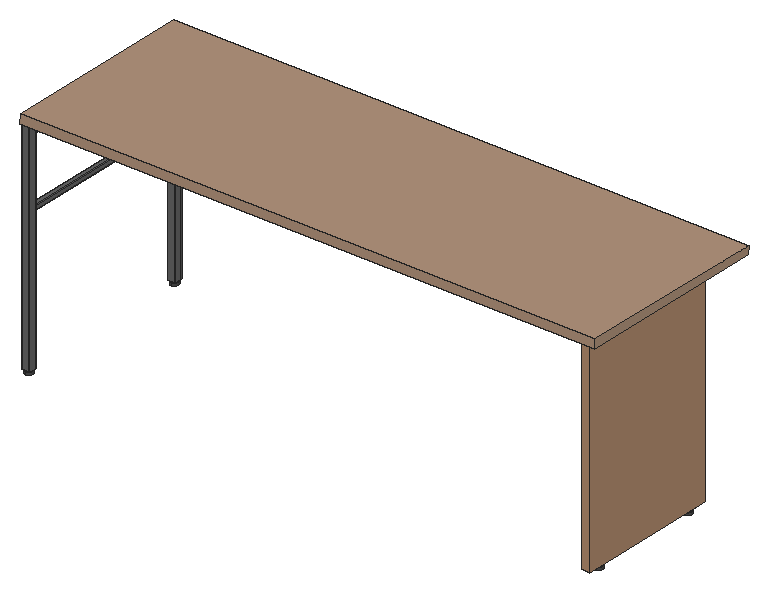
Revit family "Desks-Teknion-LWBDS_Byward_Desk-R2019", category Furniture, Revit 2019
Family settings
  OmniClass Number = 23.40.20.00
  OmniClass Title = General Furniture and Specialties
  Work Plane-Based = No
  Always vertical = Yes
  Cut with Voids When Loaded = No
  Shared = Yes
  Room Calculation Point = No
Parameters (values of type "24" Depth")
  Worksurface Finish [instance] = Source Laminate - Teknion - 3M - Provincial Oak (Cross Grain)
  Width [instance] = 72.000"
  Warranty = "http://www.teknion.com/ca/papers/legal-canada"
  Unit Weight URL = "http://www.teknion.com/ca/tools/assets#&asset=bee6a381-b954-425e-8283-5a2de3a804f2,f828d448-4b62-4231-9e5f-9a8991c0ed77"
  URL = "www.teknion.com"
  To render please download texture images found here [instance] = "https://assets.teknion.com/web/5e81352c1dfdb467/revit-material-swatches/"
  Sustainability Data = "https://www.teknion.com/ca/tools/assets#&topic=216f99a5-57a0-44fc-b10a-9dee9b29ae4c&asset=444deb64-fe58-4b68-981e-f75e97781df7,b4ff2d81-9f2e-437d-9659-7cffb09c31cf"
  Series = "Byward"  # constant formula
  Product Page URL = "https://www.teknion.com/ca/products/product-details?productLineId=87d0476f-8e7a-673b-a6c8-ff05004460c4"
  Product Line = "Byward"  # constant formula
  Product Documentation Link = "https://assets.teknion.com/m/d3f7903c0f9c31f/original/Byward-Reference-Guide.pdf"
  Part Number = "LWBDS"
  Modesty Panel & Gable Finish [instance] = Foundation Laminate - Teknion - YA - Anigre
  Model = "LWBDS24___"
  Metal Tab = 6.783"
  Manufacturer Phone = "416-661-3370"  # constant formula
  Manufacturer Fax = "416.661.4586"  # constant formula
  Manufacturer Contact Information = "http://www.teknion.com/ca/contactus"
  Manufacturer Address = "1150 Flint Road, Toronto, ON. M3J 2J5. Canada"  # constant formula
  Manufacturer = "Teknion"  # constant formula
  How To Use Teknion Materials User Guide [instance] = "https://assets.teknion.com/m/205dd0a49fa58060/original/How-to-add-a-Material-Library-and-Texture-Images-to-your-Revit-project.pdf"
  Gable Cutout = 3.190"
  For Additional Finishes please visit [instance] = "https://assets.teknion.com/m/44a8009b046e5d47/original/Teknion_Materials_Library.zip"
  Description = "Byward Desk, 24\" Depth"
  Depth = 24.000"
  Available Widths [instance] = "48\", 54\", 60\", 66\" and 72\""  # constant formula
  Assembly Code = "E2020200"
Types (4): name | Model | Metal Tab | Gable Cutout | Description | Depth
  (no name) | "LWBDS24___" | 6.783" | 3.190" | "Byward Desk, 24\" Depth" | 24.000"
  24" Depth | "LWBDS24___" | 6.783" | 3.190" | "Byward Desk, 24\" Depth" | 24.000"
  30" Depth | "LWBDS30___" | 6.033" | 1.440" | "Byward Desk, 30\" Depth" | 30.000"
  36" Depth | "LWBDS36___" | 5.033" | 1.440" | "Byward Desk, 36\" Depth" | 36.000"
Reference planes (in)
  plane 1 "Center Front/Back": y = 0
  plane 2: z = 0
  plane 3 "Center Left/Right": x = 0
  plane 4 "Left": x = -36
  plane 5 "Right": x = 36
  plane 6 "Back": y = 12
  plane 7 "Front": y = -12
  plane 8 "Top": z = 29.0595
Forms (in)
  Sweep 1, solid, material "Source Laminate - Teknion - 3M - Provincial Oak (Cross Grain)" <- "Worksurface Finish"
    path origin (0, 0, 0) x (1, 0, 0) y (0, 0, 1)
      loop
        line (0, 27.9995) -> (0, 29.0595)
    profile origin (0, 0, 28.5295) x (-1, 0, 0) y (0, -1, 0)
      loop
        line (36, 12) -> (-36, 12) -> (-36, -12) -> (36, -12) -> (36, 12)
  Sweep 2, solid, material "Foundation Laminate - Teknion - YA - Anigre" <- "Modesty Panel & Gable Finish"
    path origin (0, 0, 0) x (1, 0, 0) y (0, 1, 0)
      loop
        line (0, 5.84549) -> (0, 4.78549)
    profile origin (0, 5.31549, 0) x (1, 0, 0) y (0, 0, 1)
      loop
        line (-34.9, 17.9995) -> (31.94, 17.9995) -> (31.94, 27.9995) -> (5, 27.9995)
        arc (5, 27.9995) -> (4.03175, 27.83895) -> (3.16714, 27.3745) r 3
        arc (3.16714, 27.3745) -> (2.30253, 26.91005) -> (1.33428, 26.7495) r 3
        line (1.33428, 26.7495) -> (-1.33428, 26.7495)
        arc (-1.33428, 26.7495) -> (-2.30253, 26.91005) -> (-3.16714, 27.3745) r 3
        arc (-3.16714, 27.3745) -> (-4.03175, 27.83895) -> (-5, 27.9995) r 3
        line (-5, 27.9995) -> (-30.25208, 27.9995)
        arc (-30.25208, 27.9995) -> (-30.86446, 27.93634) -> (-31.45104, 27.7495) r 3
        arc (-31.45104, 27.7495) -> (-32.03763, 27.56266) -> (-32.65, 27.4995) r 3
        line (-32.65, 27.4995) -> (-34.9, 27.4995) -> (-34.9, 17.9995)
  Sweep 3, solid, material "Foundation Laminate - Teknion - YA - Anigre" <- "Modesty Panel & Gable Finish"
    path origin (0, 0, 0) x (1, 0, 0) y (0, 1, 0)
      loop
        line (31.94, 0) -> (33, 0)
    profile origin (32.47, 0, 0) x (0, 1, 0) y (0, 0, 1)
      loop
        line (9, 27.9995) -> (6.69, 27.9995) -> (6.69, 26.9995)
        arc (6.69, 26.9995) -> (6.54355, 26.64595) -> (6.19, 26.4995) r 0.5
        line (6.19, 26.4995) -> (3.69, 26.4995)
        arc (3.69, 26.4995) -> (3.33645, 26.64595) -> (3.19, 26.9995) r 0.5
        line (3.19, 26.9995) -> (3.19, 27.9995) -> (-9, 27.9995) -> (-9, 0.4995) -> (9, 0.4995) -> (9, 27.9995)
  Sweep 4, solid, material "Paint-Teknion-23-Z-Foundation-Foundry Onyx"
    path origin (0, 0, 0) x (1, 0, 0) y (0, 0, 1)
      loop
        line (0, 0.4375) -> (0, 27.9995)
    profile origin (0, 0, 14.2185) x (-1, 0, 0) y (0, -1, 0)
      loop
        arc (35.81, 10.9) -> (35.87364, 10.92636) -> (35.9, 10.99) r 0.09
        line (35.9, 10.99) -> (35.9, 11.81)
        arc (35.9, 11.81) -> (35.87364, 11.87364) -> (35.81, 11.9) r 0.09
        line (35.81, 11.9) -> (34.99, 11.9)
        arc (34.99, 11.9) -> (34.92636, 11.87364) -> (34.9, 11.81) r 0.09
        line (34.9, 11.81) -> (34.9, 10.99)
        arc (34.9, 10.99) -> (34.92636, 10.92636) -> (34.99, 10.9) r 0.09
        line (34.99, 10.9) -> (35.81, 10.9)
      loop
        arc (35.81, -11.9) -> (35.87364, -11.87364) -> (35.9, -11.81) r 0.09
        line (35.9, -11.81) -> (35.9, -10.99)
        arc (35.9, -10.99) -> (35.87364, -10.92636) -> (35.81, -10.9) r 0.09
        line (35.81, -10.9) -> (34.99, -10.9)
        arc (34.99, -10.9) -> (34.92636, -10.92636) -> (34.9, -10.99) r 0.09
        line (34.9, -10.99) -> (34.9, -11.81)
        arc (34.9, -11.81) -> (34.92636, -11.87364) -> (34.99, -11.9) r 0.09
        line (34.99, -11.9) -> (35.81, -11.9)
  Sweep 5, solid, material "Paint-Teknion-23-Z-Foundation-Foundry Onyx"
    path origin (0, 0, 0) x (1, 0, 0) y (0, 1, 0)
      loop
        line (0, -10.9) -> (0, 10.9)
    profile origin (0, 0, 0) x (-1, 0, 0) y (0, 0, 1)
      loop
        arc (35.1775, 18.5935) -> (35.11386, 18.56714) -> (35.0875, 18.5035) r 0.09
        line (35.0875, 18.5035) -> (35.0875, 18.0585)
        arc (35.0875, 18.0585) -> (35.11386, 17.99486) -> (35.1775, 17.9685) r 0.09
        line (35.1775, 17.9685) -> (35.6225, 17.9685)
        arc (35.6225, 17.9685) -> (35.68614, 17.99486) -> (35.7125, 18.0585) r 0.09
        line (35.7125, 18.0585) -> (35.7125, 18.5035)
        arc (35.7125, 18.5035) -> (35.68614, 18.56714) -> (35.6225, 18.5935) r 0.09
        line (35.6225, 18.5935) -> (35.1775, 18.5935)
  Sweep 6, solid, material "Paint-Teknion-23-Z-Foundation-Foundry Onyx"
    path origin (0, 0, 0) x (1, 0, 0) y (0, 0, 1)
      loop
        line (0, 17.9085) -> (0, 17.9685)
    profile origin (0, 0, 17.9385) x (-1, 0, 0) y (0, -1, 0)
      loop
        line (33.744, -7.658) -> (35.181, -7.658) -> (35.181, -7.8455)
        arc (35.181, -7.8455) -> (35.21761, -7.93389) -> (35.306, -7.9705) r 0.125
        line (35.306, -7.9705) -> (35.494, -7.9705)
        arc (35.494, -7.9705) -> (35.58239, -7.93389) -> (35.619, -7.8455) r 0.125
        line (35.619, -7.8455) -> (35.619, -6.5955)
        arc (35.619, -6.5955) -> (35.58239, -6.50711) -> (35.494, -6.4705) r 0.125
        line (35.494, -6.4705) -> (35.306, -6.4705)
        arc (35.306, -6.4705) -> (35.21761, -6.50711) -> (35.181, -6.5955) r 0.125
        line (35.181, -6.5955) -> (35.181, -6.783) -> (33.744, -6.783)
        arc (33.744, -6.783) -> (33.65561, -6.81961) -> (33.619, -6.908) r 0.125
        line (33.619, -6.908) -> (33.619, -7.533)
        arc (33.619, -7.533) -> (33.65561, -7.62139) -> (33.744, -7.658) r 0.125
  Sweep 7, solid, material "Paint-Teknion-23-Z-Foundation-Foundry Onyx"
    path origin (0, 0, 0) x (1, 0, 0) y (0, 1, 0)
      loop
        line (0, -10.9) -> (0, 10.9)
    profile origin (0, 0, 0) x (-1, 0, 0) y (0, 0, 1)
      loop
        line (35.7125, 26.2495) -> (35.7125, 27.7315)
        arc (35.7125, 27.7315) -> (35.634, 27.921) -> (35.4445, 27.9995) r 0.268
        line (35.4445, 27.9995) -> (31.4625, 27.9995) -> (31.4625, 27.8655) -> (35.4445, 27.8655)
        arc (35.4445, 27.8655) -> (35.53925, 27.82625) -> (35.5785, 27.7315) r 0.134
        line (35.5785, 27.7315) -> (35.5785, 26.2495) -> (35.7125, 26.2495)
  Sweep 8, void
    path origin (0, 0, 0) x (1, 0, 0) y (0, 0, 1)
      loop
        line (0, 27.9995) -> (0, 26.4995)
    profile origin (0, 0, 27.2495) x (0, -1, 0) y (1, 0, 0)
      loop
        arc (-9.78962, -32.37162) -> (-9.23664, -31.71024) -> (-8.41091, -31.4625) r 1.5
        line (-8.41091, -31.4625) -> (-10.9, -31.4625) -> (-10.9, -34.9625) -> (-9.78962, -32.37162)
      loop
        line (10.9, -34.9625) -> (10.9, -31.4625) -> (8.41091, -31.4625)
        arc (8.41091, -31.4625) -> (9.23664, -31.71024) -> (9.78962, -32.37162) r 1.5
        line (9.78962, -32.37162) -> (10.9, -34.9625)
  Sweep 9, solid, material "Paint-Teknion-23-Z-Foundation-Foundry Onyx"
    path origin (0, 0, 0) x (1, 0, 0) y (0, 1, 0)
      loop
        line (0, 8.365) -> (0, 8.231)
    profile origin (0, 8.298, 0) x (1, 0, 0) y (0, 0, 1)
      loop
        line (-35.3905, 26.3655) -> (-32.5785, 27.6775) -> (-32.5785, 27.8655) -> (-34.0155, 27.8655) -> (-34.0155, 27.9595) -> (-34.3905, 27.9595) -> (-34.3905, 27.8655) -> (-35.3905, 27.8655) -> (-35.5785, 27.6775) -> (-35.5785, 26.3655) -> (-35.3905, 26.3655)
  Sweep 10, solid, material "Paint-Teknion-23-Z-Foundation-Foundry Onyx"
    path origin (0, 0, 0) x (1, 0, 0) y (0, 1, 0)
      loop
        line (0, -8.365) -> (0, -8.231)
    profile origin (0, -8.298, 0) x (-1, 0, 0) y (0, 0, 1)
      loop
        line (35.3905, 26.3655) -> (35.5785, 26.3655) -> (35.5785, 27.6775) -> (35.3905, 27.8655) -> (34.3905, 27.8655) -> (34.3905, 27.9595) -> (34.0155, 27.9595) -> (34.0155, 27.8655) -> (32.5785, 27.8655) -> (32.5785, 27.6775) -> (35.3905, 26.3655)
  Sweep 11, solid, material "Paint-Teknion-23-Z-Foundation-Foundry Onyx"
    path origin (0, 0, 0) x (1, 0, 0) y (0, 0, 1)
      loop
        line (0, 0.4395) -> (0, 0.4995)
    profile origin (0, 0, 0.4695) x (-1, 0, 0) y (0, -1, 0)
      loop
        line (-32.0763, 5.0315) -> (-32.0763, 8.1811) -> (-32.8637, 8.1811) -> (-32.8637, 5.0315) -> (-32.0763, 5.0315)
      loop
        line (-32.0763, -5.0315) -> (-32.8637, -5.0315) -> (-32.8637, -8.1811) -> (-32.0763, -8.1811) -> (-32.0763, -5.0315)
  Sweep 12, solid, material "Plastic - Teknion - E - Ebony"
    path origin (0, 0, 0) x (1, 0, 0) y (0, 0, 1)
      loop
        line (0, 0.215) -> (0, 0)
    profile origin (0, 0, 0.1075) x (0, -1, 0) y (1, 0, 0)
      loop
        circle (11.4, -35.4) r 0.5
      loop
        circle (-11.4, -35.4) r 0.5
      loop
        circle (-7, 32.47) r 0.5
      loop
        circle (7, 32.47) r 0.5
  Sweep 13, solid, material "Plastic - Teknion - E - Ebony"
    path origin (0, 0, 0) x (1, 0, 0) y (0, 0, 1)
      loop
        line (0, 0.215) -> (0, 0.4375)
    profile origin (0, 0, 0.32625) x (-1, 0, 0) y (0, -1, 0)
      loop
        line (35.715, 11.21813) -> (35.715, 11.58187) -> (35.4, 11.76373) -> (35.085, 11.58187) -> (35.085, 11.21813) -> (35.4, 11.03627) -> (35.715, 11.21813)
      loop
        line (35.715, -11.58187) -> (35.715, -11.21813) -> (35.4, -11.03627) -> (35.085, -11.21813) -> (35.085, -11.58187) -> (35.4, -11.76373) -> (35.715, -11.58187)
      loop
        line (-32.155, -7.18187) -> (-32.155, -6.81813) -> (-32.47, -6.63627) -> (-32.785, -6.81813) -> (-32.785, -7.18187) -> (-32.47, -7.36373) -> (-32.155, -7.18187)
      loop
        line (-32.155, 6.81813) -> (-32.155, 7.18187) -> (-32.47, 7.36373) -> (-32.785, 7.18187) -> (-32.785, 6.81813) -> (-32.47, 6.63627) -> (-32.155, 6.81813)
Cuts and joins
  Sweep 8 cuts Sweep 7
Lines and regions (in)
  Masking region 1
    outline origin (0, 0, 0) x (1, 0, 0) y (0, 1, 0)
      loop
        line (-36, 12) -> (-36, -12) -> (36, -12) -> (36, 12) -> (-36, 12)
  reference lines
    curve 1: line (36, 12, 0) -> (36, -12, 0)
    curve 2: line (-36, -12, 0) -> (36, -12, 0)
    curve 3: line (-36, 12, 0) -> (-36, -12, 0)
    curve 4: line (-36, 12, 0) -> (36, 12, 0)
  symbolic lines, style "FurnitureHiddenLines", detail levels medium+fine
    curve 5: line (33, -9, 0) -> (33, 9, 0)
    curve 6: line (31.94, -9, 0) -> (31.94, 9, 0)
    curve 7: line (33, 9, 0) -> (31.94, 9, 0)
    curve 8: line (31.94, -9, 0) -> (33, -9, 0)
    curve 13: line (-34.9, 5.84549, 0) -> (31.94, 5.84549, 0)
    curve 14: line (-34.9, 4.78549, 0) -> (31.94, 4.78549, 0)
    curve 15: line (-34.9, 10.99, 0) -> (-34.9, 11.81, 0)
    curve 16: arc (-34.9, 11.81, 0) -> (-34.92636, 11.87364, 0) -> (-34.99, 11.9, 0) r 0.09
    curve 17: line (-34.99, 11.9, 0) -> (-35.81, 11.9, 0)
    curve 18: arc (-35.81, 11.9, 0) -> (-35.87364, 11.87364, 0) -> (-35.9, 11.81, 0) r 0.09
    curve 19: line (-35.9, 11.81, 0) -> (-35.9, 10.99, 0)
    curve 20: arc (-35.9, 10.99, 0) -> (-35.87364, 10.92636, 0) -> (-35.81, 10.9, 0) r 0.09
    curve 21: line (-35.81, 10.9, 0) -> (-34.99, 10.9, 0)
    curve 22: arc (-34.99, 10.9, 0) -> (-34.92636, 10.92636, 0) -> (-34.9, 10.99, 0) r 0.09
    curve 23: line (-35.81, -11.9, 0) -> (-34.99, -11.9, 0)
    curve 24: arc (-34.99, -11.9, 0) -> (-34.92636, -11.87364, 0) -> (-34.9, -11.81, 0) r 0.09
    curve 25: line (-34.9, -11.81, 0) -> (-34.9, -10.99, 0)
    curve 26: arc (-34.9, -10.99, 0) -> (-34.92636, -10.92636, 0) -> (-34.99, -10.9, 0) r 0.09
    curve 27: line (-34.99, -10.9, 0) -> (-35.81, -10.9, 0)
    curve 28: arc (-35.81, -10.9, 0) -> (-35.87364, -10.92636, 0) -> (-35.9, -10.99, 0) r 0.09
    curve 29: line (-35.9, -10.99, 0) -> (-35.9, -11.81, 0)
    curve 30: arc (-35.9, -11.81, 0) -> (-35.87364, -11.87364, 0) -> (-35.81, -11.9, 0) r 0.09
    curve 31: line (-35.7125, 10.9, 0) -> (-35.7125, -10.9, 0)
    curve 32: line (-35.0875, 10.9, 0) -> (-35.0875, -10.9, 0)
    curve 33: line (-34.9, 5.84549, 0) -> (-34.9, 4.78549, 0)
    curve 34: line (-34.9625, 10.9, 0) -> (-32.37162, 9.78962, 0)
    curve 35: arc (-32.37162, 9.78962, 0) -> (-31.71024, 9.23664, 0) -> (-31.4625, 8.41091, 0) r 1.5
    curve 36: line (-31.4625, -8.41091, 0) -> (-31.4625, 8.41091, 0)
    curve 37: arc (-31.4625, -8.41091, 0) -> (-31.71024, -9.23664, 0) -> (-32.37162, -9.78962, 0) r 1.5
    curve 38: line (-32.37162, -9.78962, 0) -> (-34.9625, -10.9, 0)
  symbolic lines, style "FurnitureHiddenLines", detail levels fine
    curve 9: arc (32.47, -6.5, 0) -> (31.97, -7, 0) -> (32.47, -7.5, 0) r 0.5
    curve 10: arc (32.47, -7.5, 0) -> (32.97, -7, 0) -> (32.47, -6.5, 0) r 0.5
    curve 11: arc (32.47, 6.5, 0) -> (32.97, 7, 0) -> (32.47, 7.5, 0) r 0.5
    curve 12: arc (32.47, 7.5, 0) -> (31.97, 7, 0) -> (32.47, 6.5, 0) r 0.5
    curve 39: line (31.94, 6.69, 0) -> (33, 6.69, 0)
    curve 40: line (33, 3.19, 0) -> (31.94, 3.19, 0)
    curve 41: line (32.0763, 5.0315, 0) -> (32.8637, 5.0315, 0)
    curve 42: line (32.8637, 5.0315, 0) -> (32.8637, 8.1811, 0)
    curve 43: line (32.8637, 8.1811, 0) -> (32.0763, 8.1811, 0)
    curve 44: line (32.0763, 8.1811, 0) -> (32.0763, 5.0315, 0)
    curve 45: line (32.47, 7.36373, 0) -> (32.155, 7.18187, 0)
    curve 46: line (32.155, 7.18187, 0) -> (32.155, 6.81813, 0)
    curve 47: line (32.155, 6.81813, 0) -> (32.47, 6.63627, 0)
    curve 48: line (32.47, 6.63627, 0) -> (32.785, 6.81813, 0)
    curve 49: line (32.785, 6.81813, 0) -> (32.785, 7.18187, 0)
    curve 50: line (32.785, 7.18187, 0) -> (32.47, 7.36373, 0)
    curve 51: line (32.0763, -5.0315, 0) -> (32.0763, -8.1811, 0)
    curve 52: line (32.0763, -8.1811, 0) -> (32.8637, -8.1811, 0)
    curve 53: line (32.8637, -8.1811, 0) -> (32.8637, -5.0315, 0)
    curve 54: line (32.8637, -5.0315, 0) -> (32.0763, -5.0315, 0)
    curve 55: line (32.47, -6.63627, 0) -> (32.155, -6.81813, 0)
    curve 56: line (32.155, -6.81813, 0) -> (32.155, -7.18187, 0)
    curve 57: line (32.155, -7.18187, 0) -> (32.47, -7.36373, 0)
    curve 58: line (32.47, -7.36373, 0) -> (32.785, -7.18187, 0)
    curve 59: line (32.785, -7.18187, 0) -> (32.785, -6.81813, 0)
    curve 60: line (32.785, -6.81813, 0) -> (32.47, -6.63627, 0)
    curve 61: line (-35.085, -11.21813, 0) -> (-35.4, -11.03627, 0)
    curve 62: line (-35.4, -11.03627, 0) -> (-35.715, -11.21813, 0)
    curve 63: line (-35.715, -11.21813, 0) -> (-35.715, -11.58187, 0)
    curve 64: line (-35.715, -11.58187, 0) -> (-35.4, -11.76373, 0)
    curve 65: line (-35.4, -11.76373, 0) -> (-35.085, -11.58187, 0)
    curve 66: line (-35.085, -11.58187, 0) -> (-35.085, -11.21813, 0)
    curve 67: line (-35.5785, -10.9, 0) -> (-35.5785, 10.9, 0)
    curve 68: line (-35.715, 11.21813, 0) -> (-35.4, 11.03627, 0)
    curve 69: line (-35.4, 11.03627, 0) -> (-35.085, 11.21813, 0)
    curve 70: line (-35.085, 11.21813, 0) -> (-35.085, 11.58187, 0)
    curve 71: line (-35.085, 11.58187, 0) -> (-35.4, 11.76373, 0)
    curve 72: line (-35.4, 11.76373, 0) -> (-35.715, 11.58187, 0)
    curve 73: line (-35.715, 11.58187, 0) -> (-35.715, 11.21813, 0)
    curve 74: line (-35.5785, 8.231, 0) -> (-32.5785, 8.231, 0)
    curve 75: line (-32.5785, 8.231, 0) -> (-32.5785, 8.365, 0)
    curve 76: line (-35.5785, 8.365, 0) -> (-32.5785, 8.365, 0)
    curve 77: line (-32.5785, -8.231, 0) -> (-35.5785, -8.231, 0)
    curve 78: line (-32.5785, -8.365, 0) -> (-32.5785, -8.231, 0)
    curve 79: line (-32.5785, -8.365, 0) -> (-35.5785, -8.365, 0)
    curve 80: line (-35.181, 6.783, 0) -> (-33.744, 6.783, 0)
    curve 81: arc (-33.744, 6.783, 0) -> (-33.65561, 6.81961, 0) -> (-33.619, 6.908, 0) r 0.125
    curve 82: line (-33.619, 6.908, 0) -> (-33.619, 7.533, 0)
    curve 83: arc (-33.619, 7.533, 0) -> (-33.65561, 7.62139, 0) -> (-33.744, 7.658, 0) r 0.125
    curve 84: line (-33.744, 7.658, 0) -> (-35.181, 7.658, 0)
    curve 85: line (-35.181, 7.658, 0) -> (-35.181, 7.8455, 0)
    curve 86: arc (-35.181, 7.8455, 0) -> (-35.21761, 7.93389, 0) -> (-35.306, 7.9705, 0) r 0.125
    curve 87: line (-35.306, 7.9705, 0) -> (-35.494, 7.9705, 0)
    curve 88: arc (-35.494, 7.9705, 0) -> (-35.58239, 7.93389, 0) -> (-35.619, 7.8455, 0) r 0.125
    curve 89: line (-35.619, 7.8455, 0) -> (-35.619, 6.5955, 0)
    curve 90: arc (-35.619, 6.5955, 0) -> (-35.58239, 6.50711, 0) -> (-35.494, 6.4705, 0) r 0.125
    curve 91: line (-35.494, 6.4705, 0) -> (-35.306, 6.4705, 0)
    curve 92: arc (-35.306, 6.4705, 0) -> (-35.21761, 6.50711, 0) -> (-35.181, 6.5955, 0) r 0.125
    curve 93: line (-35.181, 6.5955, 0) -> (-35.181, 6.783, 0)
    curve 94: arc (-35.4, -11.9, 0) -> (-34.9, -11.4, 0) -> (-35.4, -10.9, 0) r 0.5
    curve 95: arc (-35.4, -10.9, 0) -> (-35.9, -11.4, 0) -> (-35.4, -11.9, 0) r 0.5
    curve 96: arc (-35.4, 10.9, 0) -> (-34.9, 11.4, 0) -> (-35.4, 11.9, 0) r 0.5
    curve 97: arc (-35.4, 11.9, 0) -> (-35.9, 11.4, 0) -> (-35.4, 10.9, 0) r 0.5
Dimensions and locks (in)
  "Width": plane 4 "Left" to plane 5 "Right"
  "Depth": plane 6 "Back" to plane 7 "Front"
  plane 8 "Top" to level = 29.0595"
  equal spacing: plane 4 "Left", plane 3 "Center Left/Right", plane 5 "Right"
  equal spacing: plane 6 "Back", plane 1 "Center Front/Back", plane 7 "Front"
  Sweep 1 sketch curve to Sweep 1 sketch curve to level = 1.060" locked, 27.9995" locked
  plane 6 "Back" to Sweep 2 sketch curve to Sweep 2 sketch curve = 6.15451" locked, 1.060" locked
  Sweep 2 sketch curve to Sweep 2 sketch curve to Sweep 2 sketch curve to plane 4 "Left" = 2.39792" locked, 2.250" locked, 1.100" locked
  locked: Sweep 2 sketch curve to plane 5 "Right" at 4.06
  Sweep 2 sketch curve to Sweep 2 sketch curve to plane 3 "Center Left/Right" to Sweep 2 sketch curve to Sweep 2 sketch curve = 3.66572" locked, 1.33428" locked, 1.33428" locked, 3.66572" locked
  Sweep 2 sketch curve to Sweep 2 sketch curve to Sweep 2 sketch curve to Sweep 2 sketch curve to Sweep 2 sketch curve to level = 0.000" locked, 0.500" locked, 0.750" locked, 8.750" locked, 17.9995" locked
  Sweep 3 sketch curve to Sweep 3 sketch curve to plane 5 "Right" = 1.060" locked, 3.000" locked
  locked: plane 6 "Back" to Sweep 3 sketch curve at 3
  locked: Sweep 3 sketch curve to plane 7 "Front" at 3
  Sweep 3 sketch curve to Sweep 3 sketch curve to Sweep 3 sketch curve to Sweep 3 sketch curve to level = 0.000" locked, 1.500" locked, 26.000" locked, 0.4995" locked
  Sweep 3 sketch curve to Sweep 3 sketch curve to Sweep 3 sketch curve to Sweep 3 sketch curve = 0.500" locked, 2.500" locked, 0.500" locked
  "Gable Cutout": Sweep 3 sketch curve to plane 1 "Center Front/Back"
  Sweep 4 sketch curve to Sweep 4 sketch curve to level = 27.562" locked, 0.4375" locked
  plane 4 "Left" to Sweep 4 sketch curve to Sweep 4 sketch curve to Sweep 4 sketch curve to Sweep 4 sketch curve to Sweep 4 sketch curve to Sweep 4 sketch curve = 0.100" locked, 0.090" locked, 0.000" locked, 0.820" locked, 0.000" locked, 0.090" locked
  plane 7 "Front" to Sweep 4 sketch curve to Sweep 4 sketch curve to Sweep 4 sketch curve to Sweep 4 sketch curve to Sweep 4 sketch curve to Sweep 4 sketch curve = 0.100" locked, 0.090" locked, 0.000" locked, 0.820" locked, 0.000" locked, 0.090" locked
  plane 4 "Left" to Sweep 4 sketch curve to Sweep 4 sketch curve to Sweep 4 sketch curve to Sweep 4 sketch curve to Sweep 4 sketch curve to Sweep 4 sketch curve = 0.100", 0.090" locked, 0.000" locked, 0.820" locked, 0.000" locked, 0.090" locked
  Sweep 4 sketch curve to Sweep 4 sketch curve to Sweep 4 sketch curve to Sweep 4 sketch curve to Sweep 4 sketch curve to Sweep 4 sketch curve to plane 6 "Back" = 0.090" locked, 0.000" locked, 0.820" locked, 0.000" locked, 0.090" locked, 0.100" locked
  locked: plane 6 "Back" to Sweep 5 sketch curve at 1.1
  locked: plane 7 "Front" to Sweep 5 sketch curve at 1.1
  Sweep 5 sketch curve to Sweep 5 sketch curve to level = 0.625", 17.9685"
  Sweep 5 sketch curve to Sweep 5 sketch curve to Sweep 5 sketch curve to Sweep 5 sketch curve to Sweep 5 sketch curve to Sweep 5 sketch curve to plane 4 "Left" = 0.090" locked, 0.000" locked, 0.445" locked, 0.000" locked, 0.090" locked, 0.2875" locked
  Sweep 6 sketch curve to Sweep 6 sketch curve to level = 0.060" locked, 17.9085" locked
  Sweep 6 sketch curve to Sweep 6 sketch curve to Sweep 6 sketch curve to Sweep 6 sketch curve to Sweep 6 sketch curve to Sweep 6 sketch curve to Sweep 6 sketch curve to Sweep 6 sketch curve to Sweep 6 sketch curve to Sweep 6 sketch curve = 0.125" locked, 0.000" locked, 0.1875" locked, 0.125" locked, 0.625" locked, 0.125" locked, 0.1875" locked, 0.000" locked, 0.125" locked
  plane 4 "Left" to Sweep 6 sketch curve to Sweep 6 sketch curve to Sweep 6 sketch curve to Sweep 6 sketch curve to Sweep 6 sketch curve to Sweep 6 sketch curve to Sweep 6 sketch curve to Sweep 6 sketch curve to Sweep 6 sketch curve to Sweep 6 sketch curve = 0.381" locked, 0.125" locked, 0.000" locked, 0.188" locked, 0.000" locked, 0.125" locked, 0.000" locked, 1.437" locked, 0.000" locked, 0.125" locked
  "Metal Tab": plane 1 "Center Front/Back" to Sweep 6 sketch curve
  locked: plane 6 "Back" to Sweep 7 sketch curve at 1.1
  locked: plane 7 "Front" to Sweep 7 sketch curve at 1.1
  Sweep 7 sketch curve to Sweep 7 sketch curve to Sweep 7 sketch curve to Sweep 7 sketch curve to Sweep 7 sketch curve to plane 4 "Left" = 3.982" locked, 0.000" locked, 0.134" locked, 0.134" locked, 0.2875" locked
  plane 8 "Top" to Sweep 7 sketch curve to Sweep 7 sketch curve to Sweep 7 sketch curve to Sweep 7 sketch curve to Sweep 7 sketch curve = 1.060" locked, 0.134" locked, 0.134" locked, 0.000" locked, 1.482" locked
  plane 8 "Top" to Sweep 8 sketch curve to Sweep 8 sketch curve = 1.060" locked, 1.500" locked
  plane 4 "Left" to Sweep 8 sketch curve to Sweep 8 sketch curve to Sweep 8 sketch curve to Sweep 8 sketch curve to Sweep 8 sketch curve to Sweep 8 sketch curve to Sweep 8 sketch curve to Sweep 8 sketch curve = 1.0375" locked, 0.000" locked, 2.000" locked, 0.000" locked, 0.59088" locked, 0.000" locked, 0.90912" locked, 0.000" locked
  plane 6 "Back" to Sweep 8 sketch curve to Sweep 8 sketch curve to Sweep 8 sketch curve to Sweep 8 sketch curve = 1.100" locked, 1.11038" locked, 1.37872" locked, 0.000" locked
  plane 7 "Front" to Sweep 8 sketch curve to Sweep 8 sketch curve to Sweep 8 sketch curve to Sweep 8 sketch curve = 1.100" locked, 1.11038" locked, 1.37872" locked, 0.000" locked
  plane 6 "Back" to Sweep 9 sketch curve to Sweep 9 sketch curve = 3.635" locked, 0.134" locked
  Sweep 9 sketch curve to Sweep 9 sketch curve to Sweep 9 sketch curve to Sweep 9 sketch curve to Sweep 9 sketch curve to Sweep 9 sketch curve to plane 4 "Left" = 1.437" locked, 0.375" locked, 1.000" locked, 0.000" locked, 0.188" locked, 0.4215" locked
  plane 8 "Top" to Sweep 9 sketch curve to Sweep 9 sketch curve to Sweep 9 sketch curve to Sweep 9 sketch curve to Sweep 9 sketch curve to Sweep 9 sketch curve = 1.100" locked, 0.094" locked, 0.000" locked, 0.188" locked, 0.000" locked, 1.312" locked
  plane 7 "Front" to Sweep 10 sketch curve to Sweep 10 sketch curve = 3.635" locked, 0.134" locked
  Sweep 10 sketch curve to Sweep 10 sketch curve to Sweep 10 sketch curve to Sweep 10 sketch curve to Sweep 10 sketch curve to Sweep 10 sketch curve to plane 4 "Left" = 1.437" locked, 0.375" locked, 1.000" locked, 0.000" locked, 0.188" locked, 0.4215" locked
  plane 8 "Top" to Sweep 10 sketch curve to Sweep 10 sketch curve to Sweep 10 sketch curve to Sweep 10 sketch curve to Sweep 10 sketch curve to Sweep 10 sketch curve = 1.100" locked, 0.094" locked, 0.000" locked, 0.188" locked, 0.000" locked, 1.312" locked
  Sweep 11 sketch curve to Sweep 11 sketch curve to level = 0.060" locked, 0.4395" locked
  plane 6 "Back" to Sweep 11 sketch curve to Sweep 11 sketch curve = 3.8189" locked, 3.14961" locked
  Sweep 11 sketch curve to Sweep 11 sketch curve to plane 5 "Right" = 0.7874" locked, 3.1363" locked  (x2)
  plane 7 "Front" to Sweep 11 sketch curve to Sweep 11 sketch curve = 3.8189" locked, 3.14961" locked
  Sweep 12 sketch curve to level to Sweep 12 sketch curve = 0.215" locked, 0.000" locked
  plane 6 "Back" to Sweep 12 sketch curve to Sweep 12 sketch curve = 0.600" locked, 4.400" locked
  plane 7 "Front" to Sweep 12 sketch curve to Sweep 12 sketch curve = 0.600" locked, 4.400" locked
  plane 4 "Left" to Sweep 12 sketch curve to Sweep 12 sketch curve = 0.600" locked, 0.000" locked
  Sweep 12 sketch curve to Sweep 12 sketch curve to plane 5 "Right" = 0.000" locked, 3.530" locked
  Sweep 13 sketch curve to Sweep 13 sketch curve to level = 0.2225" locked, 0.215" locked
  Sweep 13 sketch curve to Sweep 13 sketch curve to Sweep 13 sketch curve to Sweep 13 sketch curve to Sweep 13 sketch curve to Sweep 13 sketch curve to Sweep 13 sketch curve to Sweep 13 sketch curve to plane 5 "Right" = 0.000" locked, 0.315" locked, 0.000" locked, 0.000" locked, 0.000" locked, 0.315" locked, 0.000" locked, 3.215" locked
  plane 4 "Left" to Sweep 13 sketch curve to Sweep 13 sketch curve to Sweep 13 sketch curve to Sweep 13 sketch curve to Sweep 13 sketch curve to Sweep 13 sketch curve to Sweep 13 sketch curve to Sweep 13 sketch curve = 0.285" locked, 0.000" locked, 0.315" locked, 0.000" locked, 0.000" locked, 0.000" locked, 0.315" locked, 0.000" locked
  plane 7 "Front" to Sweep 13 sketch curve to Sweep 13 sketch curve to Sweep 13 sketch curve to Sweep 13 sketch curve to Sweep 13 sketch curve to Sweep 13 sketch curve to Sweep 13 sketch curve to Sweep 13 sketch curve to Sweep 13 sketch curve to Sweep 13 sketch curve to Sweep 13 sketch curve to Sweep 13 sketch curve = 0.23627" locked, 0.18187" locked, 0.000" locked, 0.36373" locked, 0.000" locked, 0.18187" locked, 3.67254" locked, 0.18187" locked, 0.000" locked, 0.36373" locked, 0.000" locked, 0.18187" locked
  plane 6 "Back" to Sweep 13 sketch curve to Sweep 13 sketch curve to Sweep 13 sketch curve to Sweep 13 sketch curve to Sweep 13 sketch curve to Sweep 13 sketch curve to Sweep 13 sketch curve to Sweep 13 sketch curve to Sweep 13 sketch curve to Sweep 13 sketch curve to Sweep 13 sketch curve to Sweep 13 sketch curve = 0.23627", 0.18187" locked, 0.000" locked, 0.36373" locked, 0.000" locked, 0.18187" locked, 3.67254" locked, 0.18187" locked, 0.000" locked, 0.36373" locked, 0.000" locked, 0.18187" locked
  aligned and locked: level to plane 2
  aligned and locked: plane 3 "Center Left/Right" to Sweep 1 sketch curve
  aligned and locked: plane 7 "Front" to Sweep 1 sketch curve
  aligned and locked: plane 5 "Right" to Sweep 1 sketch curve
  aligned and locked: Sweep 1 sketch curve to plane 6 "Back"
  aligned and locked: Sweep 1 sketch curve to plane 4 "Left"
  aligned and locked: plane 5 "Right" to curve 1
  aligned and locked: plane 7 "Front" to curve 2
  aligned and locked: curve 3 to plane 4 "Left"
  aligned and locked: curve 4 to plane 6 "Back"
  aligned and locked: Sweep 2 sketch curve to plane 3 "Center Left/Right"
  aligned and locked: plane 1 "Center Front/Back" to Sweep 3 sketch curve
  aligned and locked: plane 3 "Center Left/Right" to Sweep 4 sketch curve
  aligned and locked: plane 3 "Center Left/Right" to Sweep 5 sketch curve
  aligned and locked: plane 3 "Center Left/Right" to Sweep 6 sketch curve
  aligned and locked: plane 3 "Center Left/Right" to Sweep 7 sketch curve
  aligned and locked: Sweep 8 sketch curve to plane 3 "Center Left/Right"
  aligned and locked: Sweep 9 sketch curve to plane 3 "Center Left/Right"
  aligned and locked: plane 3 "Center Left/Right" to Sweep 10 sketch curve
  aligned and locked: plane 3 "Center Left/Right" to Sweep 11 sketch curve
  aligned and locked: Sweep 12 sketch curve to plane 3 "Center Left/Right"
  aligned and locked: plane 3 "Center Left/Right" to Sweep 13 sketch curve
  aligned and locked: Masking region 1 sketch curve to plane 4 "Left"
  aligned and locked: Masking region 1 sketch curve to plane 7 "Front"
  aligned and locked: plane 5 "Right" to Masking region 1 sketch curve
  aligned and locked: Masking region 1 sketch curve to plane 6 "Back"
  aligned and locked: curve 5 to Sweep 3
  aligned and locked: curve 6 to Sweep 3
  aligned and locked: curve 7 to Sweep 3
  aligned and locked: curve 8 to Sweep 3
  aligned and locked: curve 9 to Sweep 12
  aligned and locked: curve 10 to Sweep 12
  aligned and locked: curve 11 to Sweep 12
  aligned and locked: curve 12 to Sweep 12
  aligned and locked: curve 13 to Sweep 2
  aligned and locked: curve 14 to Sweep 2
  aligned and locked: curve 16 to Sweep 4
  aligned and locked: curve 18 to Sweep 4
  aligned and locked: curve 20 to Sweep 4
  aligned and locked: curve 22 to Sweep 4
  aligned and locked: curve 24 to Sweep 4
  aligned and locked: curve 26 to Sweep 4
  aligned and locked: curve 28 to Sweep 4
  aligned and locked: curve 30 to Sweep 4
  aligned and locked: curve 31 to cut or joined group of Sweep 7, Sweep 8
  aligned and locked: curve 32 to Sweep 5
  aligned and locked: curve 33 to Sweep 2
  aligned and locked: curve 34 to cut or joined group of Sweep 7, Sweep 8
  aligned and locked: curve 35 to cut or joined group of Sweep 7, Sweep 8
  aligned and locked: curve 38 to cut or joined group of Sweep 7, Sweep 8
  aligned and locked: curve 39 to Sweep 3
  aligned and locked: curve 40 to Sweep 3
  aligned and locked: curve 41 to Sweep 11
  aligned and locked: curve 42 to Sweep 11
  aligned and locked: curve 43 to Sweep 11
  aligned and locked: curve 44 to Sweep 11
  aligned and locked: curve 45 to Sweep 13
  aligned and locked: curve 46 to Sweep 13
  aligned and locked: curve 47 to Sweep 13
  aligned and locked: curve 48 to Sweep 13
  aligned and locked: curve 49 to Sweep 13
  aligned and locked: curve 50 to Sweep 13
  aligned and locked: curve 51 to Sweep 11
  aligned and locked: curve 52 to Sweep 11
  aligned and locked: curve 53 to Sweep 11
  aligned and locked: curve 54 to Sweep 11
  aligned and locked: curve 55 to Sweep 13
  aligned and locked: curve 56 to Sweep 13
  aligned and locked: curve 57 to Sweep 13
  aligned and locked: curve 58 to Sweep 13
  aligned and locked: curve 59 to Sweep 13
  aligned and locked: curve 60 to Sweep 13
  aligned and locked: curve 61 to Sweep 13
  aligned and locked: curve 62 to Sweep 13
  aligned and locked: curve 63 to Sweep 13
  aligned and locked: curve 64 to Sweep 13
  aligned and locked: curve 65 to Sweep 13
  aligned and locked: curve 66 to Sweep 13
  aligned and locked: curve 67 to cut or joined group of Sweep 7, Sweep 8
  aligned and locked: curve 68 to Sweep 13
  aligned and locked: curve 69 to Sweep 13
  aligned and locked: curve 70 to Sweep 13
  aligned and locked: curve 71 to Sweep 13
  aligned and locked: curve 72 to Sweep 13
  aligned and locked: curve 73 to Sweep 13
  aligned and locked: curve 74 to Sweep 9
  aligned and locked: curve 75 to Sweep 9
  aligned and locked: curve 76 to Sweep 9
  aligned and locked: curve 77 to Sweep 10
  aligned and locked: curve 78 to Sweep 10
  aligned and locked: curve 79 to Sweep 10
  aligned and locked: curve 80 to Sweep 6
  aligned and locked: curve 81 to Sweep 6
  aligned and locked: curve 83 to Sweep 6
  aligned and locked: curve 85 to Sweep 6
  aligned and locked: curve 86 to Sweep 6
  aligned and locked: curve 88 to Sweep 6
  aligned and locked: curve 90 to Sweep 6
  aligned and locked: curve 92 to Sweep 6
  aligned and locked: curve 94 to Sweep 12
  aligned and locked: curve 95 to Sweep 12
  aligned and locked: curve 96 to Sweep 12
  aligned and locked: curve 97 to Sweep 12
Automatic sketch dimensions
  Sweep 2 sketch curve to Sweep 2 sketch curve = 0.000"  (x2)
  Sweep 2 sketch curve to Sweep 2 sketch curve = 1.750"
  Sweep 2 sketch curve to Sweep 2 sketch curve = 2.500"
  Sweep 2 sketch curve to Sweep 2 sketch curve = 3.000"  (x2)
  curve 37 to curve 38 = 0.59088"
  curve 34 to plane 6 "Back" = 2.21038"
  curve 21 to curve 34 = 0.0275"
  curve 26 to curve 38 = 0.000"
  curve 52 to curve 8 = 0.1363"
  curve 37 to curve 77 = 0.17991"
  radius of Sweep 12 sketch curve = 0.500"  (x4)
